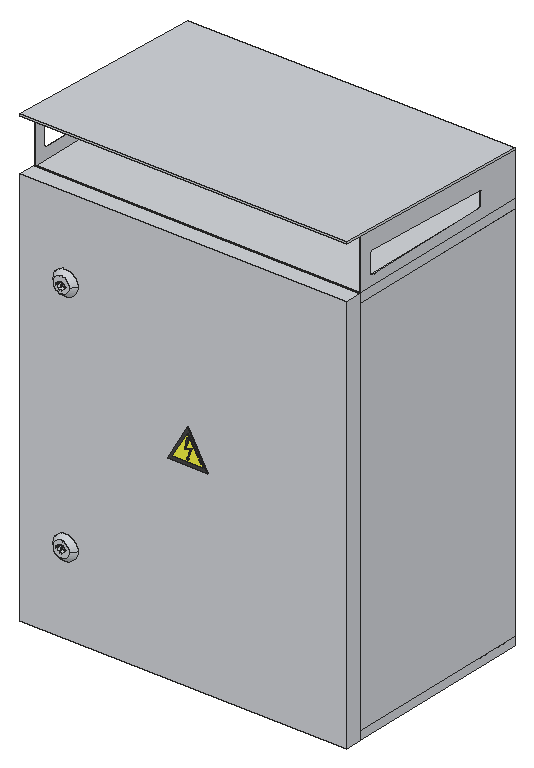
Revit family "STS-504К_RV17_LOD400 (5.11.23)", category Электрооборудование, Revit 2017
Family settings
  Конфигурация панели = Два столбца, слева направо
  Размер круглого соединителя = Использовать диаметр
  Тип детали = Щит
  На основе рабочей плоскости = Нет
  Всегда вертикально = Да
  При загрузке вырезать с полостями = Нет
  Общий = Нет
  Точка расчета площади = Нет
Parameters (values of type "STS-504К")
  Степень защиты = "IP54"
  Смещение_УГО_Y [instance] = 0 mm
  Смещение_УГО_X [instance] = 0 mm
  Раздел проекта [instance] = ""
  Раздел Спецификации [instance] = ""
  Поддержание внутренней регулируемой температуры, С = "от 0 до +50"
  Номинальный ток автоматического выключателя напряжения питания, А = 25 A
  Напряжение электропитания постоянного тока вентилятора, В = 12
  Напряжение электропитания переменного тока, В/Гц = "220/50"
  Напряжение = "220"
  Мощность обогрева, Вт = 55
  Мощность = "60"
  Конфигуратор контроллера STS-504 = "https://stilsoft.ru/calc504"
  Диапазон рабочих температур, °С = "от –40 до +50"
  Включение вентиляции при температуре, от, °С = 35
  Видимость_дверь [instance] = yes
  Видимость УГО [instance] = yes
  Вариант исполнения = "уличный"
  В_Смещение_УГО_Y [instance] = Смещение_УГО_Y + 2000 mm  # 2000 mm
  В_Смещение_УГО_X [instance] = Смещение_УГО_X + 2000 mm  # 2000 mm
  d_короба = 0 mm
  ADSK_Размер_Ширина = 400 mm
  ADSK_Размер_Глубина = 257 mm
  ADSK_Размер_Высота = 560 mm
  ADSK_Примечание = ""
  ADSK_Наименование = "Контроллер STS-504К"
  ADSK_Масса = 14
  ADSK_Марка = "СТВФ.426471.549"
  ADSK_Количество = 1
  ADSK_Завод-изготовитель = "ООО «Основа Безопасности»"  # constant formula
  ADSK_Единица измерения = "шт."  # constant formula
  ADSK_URL страницы изделия = "https://stilsoft.ru/products/sts-504k"
  ADSK_URL документации изделия = ""
Reference planes
  plane 1 "По центру (Вперед/Назад)": y = 0
  plane 2: z = 0
  plane 3 "По центру (Влево/Вправо)": x = 0
  plane 4: y = 2000
  plane 5: x = -2000
  plane 6: x = 0
  plane 7: y = 0
  plane 8 "4": x = 200
  plane 9 "3": x = -200
  plane 10 "дверь": y = -257
  plane 11 "1": z = 6
  plane 12 "крыша": through (0, -257, 560) normal (0, -0.0389, -0.9992)
  plane 13: z = 560
Forms (mm)
  Extrusion 1, solid, detail levels medium+fine
    sketch origin (0, 0, 0) x (1, 0, 0) y (0, 1, 0)
      loop
        line (-200, 0) -> (-200, -235) -> (-190, -235) -> (-190, -10) -> (190, -10) -> (190, -235) -> (200, -235) -> (200, 0) -> (-200, 0)
    from 16 to 486
  Extrusion 2, solid, detail levels medium+fine
    sketch origin (0, 0, 0) x (1, 0, 0) y (0, 0, 1)
      loop
        line (-200, 16) -> (-200, 6) -> (200, 6) -> (200, 16) -> (-200, 16)
      loop
        line (-200, 496) -> (-200, 486) -> (200, 486) -> (200, 496) -> (-200, 496)
    from 0 to 235
  Revolve 3, solid, detail levels medium+fine
    sketch origin (-125, -42.49, 0) x (0, -1, 0) y (0, 0, 1)
      loop
        line (0, 0) -> (12, 0) -> (12, 2) -> (14.5, 2) -> (14.5, 4) -> (17, 4) -> (17, 4.951) -> (20.994, 4.951) -> (20.994, 6) -> (0, 6) -> (0, 0)
      axis (0, 6) -> (0, 0)
    angle from 0 to 360
  Revolve 4, solid, detail levels medium+fine
    sketch origin (-75, -55.774, 1200) x (0, -1, 0) y (0, 0, 1)
      loop
        line (-13.284, -1200) -> (-1.284, -1200) -> (-1.284, -1198) -> (1.216, -1198) -> (1.216, -1196) -> (3.716, -1196) -> (3.716, -1195.049) -> (7.71, -1195.049) -> (7.71, -1194) -> (-13.284, -1194) -> (-13.284, -1200)
      axis (-13.284, -1194) -> (-13.284, -1200)
    angle from 0 to 360
  Revolve 5, solid, detail levels medium+fine
    sketch origin (-25, -42.49, 0) x (0, -1, 0) y (0, 0, 1)
      loop
        line (0, 0) -> (12, 0) -> (12, 2) -> (14.5, 2) -> (14.5, 4) -> (17, 4) -> (17, 4.951) -> (20.994, 4.951) -> (20.994, 6) -> (0, 6) -> (0, 0)
      axis (0, 6) -> (0, 0)
    angle from 0 to 360
  Revolve 6, solid, detail levels medium+fine
    sketch origin (25, -55.774, 1200) x (0, -1, 0) y (0, 0, 1)
      loop
        line (-13.284, -1200) -> (-1.284, -1200) -> (-1.284, -1198) -> (1.216, -1198) -> (1.216, -1196) -> (3.716, -1196) -> (3.716, -1195.049) -> (7.71, -1195.049) -> (7.71, -1194) -> (-13.284, -1194) -> (-13.284, -1200)
      axis (-13.284, -1194) -> (-13.284, -1200)
    angle from 0 to 360
  Revolve 7, solid, detail levels medium+fine
    sketch origin (75, -42.49, 0) x (0, -1, 0) y (0, 0, 1)
      loop
        line (0, 0) -> (12, 0) -> (12, 2) -> (14.5, 2) -> (14.5, 4) -> (17, 4) -> (17, 4.951) -> (20.994, 4.951) -> (20.994, 6) -> (0, 6) -> (0, 0)
      axis (0, 6) -> (0, 0)
    angle from 0 to 360
  Revolve 8, solid, detail levels medium+fine
    sketch origin (125, -55.774, 1200) x (0, -1, 0) y (0, 0, 1)
      loop
        line (-13.284, -1200) -> (-1.284, -1200) -> (-1.284, -1198) -> (1.216, -1198) -> (1.216, -1196) -> (3.716, -1196) -> (3.716, -1195.049) -> (7.71, -1195.049) -> (7.71, -1194) -> (-13.284, -1194) -> (-13.284, -1200)
      axis (-13.284, -1194) -> (-13.284, -1200)
    angle from 0 to 360
  Revolve 9, solid, detail levels medium+fine
    sketch origin (-100, -97, 0) x (0, -1, 0) y (0, 0, 1)
      loop
        line (0, 0) -> (12, 0) -> (12, 2) -> (14.5, 2) -> (14.5, 4) -> (17, 4) -> (17, 4.951) -> (20.994, 4.951) -> (20.994, 6) -> (0, 6) -> (0, 0)
      axis (0, 6) -> (0, 0)
    angle from 0 to 360
  Revolve 10, solid, detail levels medium+fine
    sketch origin (-50, -110.284, 1200) x (0, -1, 0) y (0, 0, 1)
      loop
        line (-13.284, -1200) -> (-1.284, -1200) -> (-1.284, -1198) -> (1.216, -1198) -> (1.216, -1196) -> (3.716, -1196) -> (3.716, -1195.049) -> (7.71, -1195.049) -> (7.71, -1194) -> (-13.284, -1194) -> (-13.284, -1200)
      axis (-13.284, -1194) -> (-13.284, -1200)
    angle from 0 to 360
  Revolve 11, solid, detail levels medium+fine
    sketch origin (0, -97, 0) x (0, -1, 0) y (0, 0, 1)
      loop
        line (0, 0) -> (12, 0) -> (12, 2) -> (14.5, 2) -> (14.5, 4) -> (17, 4) -> (17, 4.951) -> (20.994, 4.951) -> (20.994, 6) -> (0, 6) -> (0, 0)
      axis (0, 6) -> (0, 0)
    angle from 0 to 360
  Revolve 12, solid, detail levels medium+fine
    sketch origin (50, -110.284, 1200) x (0, -1, 0) y (0, 0, 1)
      loop
        line (-13.284, -1200) -> (-1.284, -1200) -> (-1.284, -1198) -> (1.216, -1198) -> (1.216, -1196) -> (3.716, -1196) -> (3.716, -1195.049) -> (7.71, -1195.049) -> (7.71, -1194) -> (-13.284, -1194) -> (-13.284, -1200)
      axis (-13.284, -1194) -> (-13.284, -1200)
    angle from 0 to 360
  Revolve 13, solid, detail levels medium+fine
    sketch origin (100, -97, 0) x (0, -1, 0) y (0, 0, 1)
      loop
        line (0, 0) -> (12, 0) -> (12, 2) -> (14.5, 2) -> (14.5, 4) -> (17, 4) -> (17, 4.951) -> (20.994, 4.951) -> (20.994, 6) -> (0, 6) -> (0, 0)
      axis (0, 6) -> (0, 0)
    angle from 0 to 360
  Extrusion 14, void
    sketch origin (0, 0, 0) x (1, 0, 0) y (0, 1, 0)
      loop
        circle (-125, -42.655) r 21.159
      loop
        circle (-75, -42.655) r 21.159
      loop
        circle (-25, -42.655) r 21.159
      loop
        circle (25, -42.655) r 21.159
      loop
        circle (75, -42.655) r 21.159
      loop
        circle (125, -42.655) r 21.159
      loop
        circle (-100, -97.165) r 21.159
      loop
        circle (-50, -97.165) r 21.159
      loop
        circle (0, -97.165) r 21.159
      loop
        circle (50, -97.165) r 21.159
      loop
        circle (100, -97.165) r 21.159
    from 6 to 16
  Extrusion 15, solid, visible <- "Видимость_дверь", detail levels medium+fine
    sketch origin (0, -257, -6.264) x (1, 0, 0) y (0, 0, 1)
      loop
        line (-200, 502.264) -> (-200, 12.264) -> (200, 12.264) -> (200, 502.264) -> (-200, 502.264)
    from 0 to -20
  Extrusion 16, solid, detail levels medium+fine
    sketch origin (-200, 0, 0) x (0, -1, 0) y (0, 0, 1)
      loop
        line (0, 550) -> (257, 560) -> (257, 562) -> (0, 552) -> (0, 550)
    from 0 to -400
  Extrusion 17, solid, detail levels medium+fine
    sketch origin (-200, 0, 0) x (0, -1, 0) y (0, 0, 1)
      loop
        line (0, 550) -> (0, 496) -> (235, 496) -> (235, 559.144) -> (0, 550)
      loop
        line (53.915, 508.913) -> (217.367, 508.913)
        arc (217.367, 508.913) -> (220.373, 510.158) -> (221.619, 513.165) r 4.252
        line (221.619, 513.165) -> (221.619, 532.005)
        arc (221.619, 532.005) -> (220.46, 534.802) -> (217.664, 535.96) r 3.955
        line (217.664, 535.96) -> (54.15, 529.597)
        arc (54.15, 529.597) -> (52.36, 528.855) -> (51.618, 527.064) r 2.532
        line (51.618, 527.064) -> (51.618, 511.21)
        arc (51.618, 511.21) -> (52.291, 509.585) -> (53.915, 508.913) r 2.297
    from 0 to -1
  Extrusion 18, solid, detail levels medium+fine
    sketch origin (-200, 0, -60) x (0, -1, 0) y (0, 0, 1)
      loop
        line (0, 610) -> (0, 556) -> (235, 556) -> (235, 619.144) -> (0, 610)
      loop
        line (53.915, 568.913) -> (217.367, 568.913)
        arc (217.367, 568.913) -> (220.373, 570.158) -> (221.619, 573.165) r 4.252
        line (221.619, 573.165) -> (221.619, 592.005)
        arc (221.619, 592.005) -> (220.46, 594.802) -> (217.664, 595.96) r 3.955
        line (217.664, 595.96) -> (54.15, 589.597)
        arc (54.15, 589.597) -> (52.36, 588.855) -> (51.618, 587.064) r 2.532
        line (51.618, 587.064) -> (51.618, 571.21)
        arc (51.618, 571.21) -> (52.291, 569.585) -> (53.915, 568.913) r 2.297
    from 0 to -1
  Blend 19, solid, visible <- "Видимость_дверь", detail levels medium+fine
    base sketch origin (-257.145, -257, 209.136) x (1, 0, 0) y (0, 0, 1)
      loop
        circle (112.491, 187.124) r 15
    top sketch origin (-257.145, -257, 209.136) x (1, 0, 0) y (0, 0, 1)
      loop
        circle (112.491, 187.124) r 10
    from 0 to 6
  Extrusion 20, void, detail levels medium+fine
    sketch origin (-257.145, -257, 209.136) x (1, 0, 0) y (0, 0, 1)
      loop
        circle (112.263, 186.268) r 0.888
      loop
        line (105.364, 187.514) -> (105.364, 185.117) -> (107.397, 185.117)
        arc (107.397, 185.117) -> (112.263, 181.268) -> (117.128, 185.117) r 5
        line (117.128, 185.117) -> (119.161, 185.117) -> (119.161, 187.514) -> (117.105, 187.514)
        arc (117.105, 187.514) -> (112.263, 191.268) -> (107.42, 187.514) r 5
        line (107.42, 187.514) -> (105.364, 187.514)
    from 6 to 0.529
  Blend 21, solid, visible <- "Видимость_дверь", detail levels medium+fine
    base sketch origin (-257.145, -257, 296.864) x (1, 0, 0) y (0, 0, 1)
      loop
        circle (112.491, -191.124) r 15
    top sketch origin (-257.145, -257, 296.864) x (1, 0, 0) y (0, 0, 1)
      loop
        circle (112.491, -191.124) r 10
    from 0 to 6
  Extrusion 22, void, detail levels medium+fine
    sketch origin (-257.145, -257, 296.864) x (1, 0, 0) y (0, 0, 1)
      loop
        circle (112.263, -190.268) r 0.888
      loop
        line (105.364, -191.514) -> (107.42, -191.514)
        arc (107.42, -191.514) -> (112.263, -195.268) -> (117.105, -191.514) r 5
        line (117.105, -191.514) -> (119.161, -191.514) -> (119.161, -189.117) -> (117.128, -189.117)
        arc (117.128, -189.117) -> (112.263, -185.268) -> (107.397, -189.117) r 5
        line (107.397, -189.117) -> (105.364, -189.117) -> (105.364, -191.514)
    from 6 to 0.529
  Extrusion 23, solid, material "ЗНАЧЕК (1)", visible <- "Видимость_дверь", detail levels medium+fine
    sketch origin (5.416, -257, 118.169) x (1, 0, 0) y (0, 0, 1)
      loop
        line (25, 130) -> (0, 173) -> (-25, 130) -> (25, 130)
    from 0 to 0.2
  Extrusion 24, solid, material "ЗНАЧЕК (2)", visible <- "Видимость_дверь", detail levels medium+fine
    sketch origin (5.416, -257, 118.169) x (1, 0, 0) y (0, 0, 1)
      loop
        line (18, 134) -> (0, 165) -> (-18, 134) -> (18, 134)
    from 0 to 0.3
  Extrusion 25, solid, material "ЗНАЧЕК (1)", visible <- "Видимость_дверь", detail levels medium+fine
    sketch origin (5.416, -257, 118.169) x (1, 0, 0) y (0, 0, 1)
      loop
        line (0, 159.8) -> (-1.4, 159.8) -> (-4.015, 147.497) -> (2.6, 148.075) -> (-0.309, 137.932) -> (-1.555, 137.932) -> (0, 135.238) -> (1.886, 137.932) -> (0.321, 137.932) -> (4.567, 149.598) -> (-2.041, 149.251) -> (1.799, 159.8) -> (0, 159.8)
    from 0 to 0.4
  Extrusion 26, solid, detail levels medium+fine
    sketch origin (200, 0, -60) x (0, -1, 0) y (0, 0, -1)
      loop
        line (0, -610) -> (235, -619.144) -> (235, -556) -> (0, -556) -> (0, -610)
      loop
        arc (53.915, -568.913) -> (52.291, -569.585) -> (51.618, -571.21) r 2.297
        line (51.618, -571.21) -> (51.618, -587.064)
        arc (51.618, -587.064) -> (52.36, -588.855) -> (54.15, -589.597) r 2.532
        line (54.15, -589.597) -> (217.664, -595.96)
        arc (217.664, -595.96) -> (220.46, -594.802) -> (221.619, -592.005) r 3.955
        line (221.619, -592.005) -> (221.619, -573.165)
        arc (221.619, -573.165) -> (220.373, -570.158) -> (217.367, -568.913) r 4.252
        line (217.367, -568.913) -> (53.915, -568.913)
    from 0 to -1
Cuts and joins
  Extrusion 14 cuts Extrusion 2
  Extrusion 20, Extrusion 22 cuts Blend 19
  Extrusion 22 cuts Blend 21
Dimensions and locks
  locked: plane 4 to plane 1 "По центру (Вперед/Назад)" at 2000
  locked: plane 5 to plane 3 "По центру (Влево/Вправо)" at 2000
  "В_Смещение_УГО_X": plane 5 to plane 6
  "В_Смещение_УГО_Y": plane 4 to plane 7
  "ADSK_Размер_Ширина": plane 9 "3" to plane 8 "4"
  "ADSK_Размер_Глубина": plane 10 "дверь" to plane 1 "По центру (Вперед/Назад)"
  "ADSK_Размер_Высота": plane 13 to level
  aligned and locked: level to plane 2
  aligned and locked: nested 1 to plane 7
  aligned and locked: plane 6 to nested 1
Automatic sketch dimensions
  plane 1 "По центру (Вперед/Назад)" to Extrusion 1 sketch curve = 0 mm
  Extrusion 1 sketch curve to plane 9 "3" = 0 mm
  Extrusion 1 sketch curve to plane 8 "4" = 0 mm
  Extrusion 1 sketch curve to plane 9 "3" = 10 mm
  Extrusion 1 sketch curve to plane 8 "4" = 10 mm
  plane 1 "По центру (Вперед/Назад)" to Extrusion 1 sketch curve = 10 mm
  Extrusion 1 sketch curve to plane 10 "дверь" = 22 mm  (x2)
  plane 9 "3" to Extrusion 2 sketch curve = 0 mm  (x2)
  Extrusion 2 sketch curve to plane 8 "4" = 0 mm  (x2)
  Extrusion 2 sketch curve to plane 11 "1" = 0 mm
  plane 11 "1" to Extrusion 2 sketch curve = 10 mm
  Revolve 3 sketch curve to plane 11 "1" = 0 mm  (x2)
  Revolve 3 sketch curve to level = 0 mm  (x2)
  plane 1 "По центру (Вперед/Назад)" to Revolve 3 sketch curve = 42.49 mm
  level to Revolve 3 sketch curve = 2 mm
  Revolve 3 sketch curve to Revolve 3 sketch curve = 12 mm
  Revolve 3 sketch curve to Revolve 3 sketch curve = 2.5 mm  (x2)
  Revolve 3 sketch curve to plane 11 "1" = 1.049 mm
  Revolve 3 sketch curve to Revolve 3 sketch curve = 3.994 mm
  Revolve 3 sketch curve to plane 11 "1" = 2 mm
  Revolve 3 sketch curve to Revolve 3 sketch curve = 0 mm
  Revolve 4 sketch curve to plane 11 "1" = 0 mm  (x2)
  Revolve 4 sketch curve to level = 0 mm  (x2)
  plane 1 "По центру (Вперед/Назад)" to Revolve 4 sketch curve = 42.49 mm
  level to Revolve 4 sketch curve = 2 mm
  Revolve 4 sketch curve to Revolve 4 sketch curve = 12 mm
  Revolve 4 sketch curve to Revolve 4 sketch curve = 2.5 mm  (x2)
  Revolve 4 sketch curve to plane 11 "1" = 1.049 mm
  Revolve 4 sketch curve to Revolve 4 sketch curve = 3.994 mm
  Revolve 4 sketch curve to plane 11 "1" = 2 mm
  Revolve 4 sketch curve to Revolve 4 sketch curve = 0 mm
  Revolve 5 sketch curve to plane 11 "1" = 0 mm  (x2)
  Revolve 5 sketch curve to level = 0 mm  (x2)
  plane 1 "По центру (Вперед/Назад)" to Revolve 5 sketch curve = 42.49 mm
  level to Revolve 5 sketch curve = 2 mm
  Revolve 5 sketch curve to Revolve 5 sketch curve = 12 mm
  Revolve 5 sketch curve to Revolve 5 sketch curve = 2.5 mm  (x2)
  Revolve 5 sketch curve to plane 11 "1" = 1.049 mm
  Revolve 5 sketch curve to Revolve 5 sketch curve = 3.994 mm
  Revolve 5 sketch curve to plane 11 "1" = 2 mm
  Revolve 5 sketch curve to Revolve 5 sketch curve = 0 mm
  Revolve 6 sketch curve to plane 11 "1" = 0 mm  (x2)
  Revolve 6 sketch curve to level = 0 mm  (x2)
  plane 1 "По центру (Вперед/Назад)" to Revolve 6 sketch curve = 42.49 mm
  level to Revolve 6 sketch curve = 2 mm
  Revolve 6 sketch curve to Revolve 6 sketch curve = 12 mm
  Revolve 6 sketch curve to Revolve 6 sketch curve = 2.5 mm  (x2)
  Revolve 6 sketch curve to plane 11 "1" = 1.049 mm
  Revolve 6 sketch curve to Revolve 6 sketch curve = 3.994 mm
  Revolve 6 sketch curve to plane 11 "1" = 2 mm
  Revolve 6 sketch curve to Revolve 6 sketch curve = 0 mm
  Revolve 7 sketch curve to plane 11 "1" = 0 mm  (x2)
  Revolve 7 sketch curve to level = 0 mm  (x2)
  plane 1 "По центру (Вперед/Назад)" to Revolve 7 sketch curve = 42.49 mm
  level to Revolve 7 sketch curve = 2 mm
  Revolve 7 sketch curve to Revolve 7 sketch curve = 12 mm
  Revolve 7 sketch curve to Revolve 7 sketch curve = 2.5 mm  (x2)
  Revolve 7 sketch curve to plane 11 "1" = 1.049 mm
  Revolve 7 sketch curve to Revolve 7 sketch curve = 3.994 mm
  Revolve 7 sketch curve to plane 11 "1" = 2 mm
  Revolve 7 sketch curve to Revolve 7 sketch curve = 0 mm
  Revolve 8 sketch curve to plane 11 "1" = 0 mm  (x2)
  Revolve 8 sketch curve to level = 0 mm  (x2)
  plane 1 "По центру (Вперед/Назад)" to Revolve 8 sketch curve = 42.49 mm
  level to Revolve 8 sketch curve = 2 mm
  Revolve 8 sketch curve to Revolve 8 sketch curve = 12 mm
  Revolve 8 sketch curve to Revolve 8 sketch curve = 2.5 mm  (x2)
  Revolve 8 sketch curve to plane 11 "1" = 1.049 mm
  Revolve 8 sketch curve to Revolve 8 sketch curve = 3.994 mm
  Revolve 8 sketch curve to plane 11 "1" = 2 mm
  Revolve 8 sketch curve to Revolve 8 sketch curve = 0 mm
  Revolve 9 sketch curve to plane 11 "1" = 0 mm  (x2)
  Revolve 9 sketch curve to level = 0 mm  (x2)
  plane 1 "По центру (Вперед/Назад)" to Revolve 9 sketch curve = 97 mm
  level to Revolve 9 sketch curve = 2 mm
  Revolve 9 sketch curve to Revolve 9 sketch curve = 12 mm
  Revolve 9 sketch curve to Revolve 9 sketch curve = 2.5 mm  (x2)
  Revolve 9 sketch curve to plane 11 "1" = 1.049 mm
  Revolve 9 sketch curve to Revolve 9 sketch curve = 3.994 mm
  Revolve 9 sketch curve to plane 11 "1" = 2 mm
  Revolve 9 sketch curve to Revolve 9 sketch curve = 0 mm
  Revolve 10 sketch curve to plane 11 "1" = 0 mm  (x2)
  Revolve 10 sketch curve to level = 0 mm  (x2)
  plane 1 "По центру (Вперед/Назад)" to Revolve 10 sketch curve = 97 mm
  level to Revolve 10 sketch curve = 2 mm
  Revolve 10 sketch curve to Revolve 10 sketch curve = 12 mm
  Revolve 10 sketch curve to Revolve 10 sketch curve = 2.5 mm  (x2)
  Revolve 10 sketch curve to plane 11 "1" = 1.049 mm
  Revolve 10 sketch curve to Revolve 10 sketch curve = 3.994 mm
  Revolve 10 sketch curve to plane 11 "1" = 2 mm
  Revolve 10 sketch curve to Revolve 10 sketch curve = 0 mm
  Revolve 11 sketch curve to plane 11 "1" = 0 mm  (x2)
  Revolve 11 sketch curve to level = 0 mm  (x2)
  plane 1 "По центру (Вперед/Назад)" to Revolve 11 sketch curve = 97 mm
  level to Revolve 11 sketch curve = 2 mm
  Revolve 11 sketch curve to Revolve 11 sketch curve = 12 mm
  Revolve 11 sketch curve to Revolve 11 sketch curve = 2.5 mm  (x2)
  Revolve 11 sketch curve to plane 11 "1" = 1.049 mm
  Revolve 11 sketch curve to Revolve 11 sketch curve = 3.994 mm
  Revolve 11 sketch curve to plane 11 "1" = 2 mm
  Revolve 11 sketch curve to Revolve 11 sketch curve = 0 mm
  Revolve 12 sketch curve to plane 11 "1" = 0 mm  (x2)
  Revolve 12 sketch curve to level = 0 mm  (x2)
  plane 1 "По центру (Вперед/Назад)" to Revolve 12 sketch curve = 97 mm
  level to Revolve 12 sketch curve = 2 mm
  Revolve 12 sketch curve to Revolve 12 sketch curve = 12 mm
  Revolve 12 sketch curve to Revolve 12 sketch curve = 2.5 mm  (x2)
  Revolve 12 sketch curve to plane 11 "1" = 1.049 mm
  Revolve 12 sketch curve to Revolve 12 sketch curve = 3.994 mm
  Revolve 12 sketch curve to plane 11 "1" = 2 mm
  Revolve 12 sketch curve to Revolve 12 sketch curve = 0 mm
  Revolve 13 sketch curve to plane 11 "1" = 0 mm  (x2)
  Revolve 13 sketch curve to level = 0 mm  (x2)
  plane 1 "По центру (Вперед/Назад)" to Revolve 13 sketch curve = 97 mm
  level to Revolve 13 sketch curve = 2 mm
  Revolve 13 sketch curve to Revolve 13 sketch curve = 12 mm
  Revolve 13 sketch curve to Revolve 13 sketch curve = 2.5 mm  (x2)
  Revolve 13 sketch curve to plane 11 "1" = 1.049 mm
  Revolve 13 sketch curve to Revolve 13 sketch curve = 3.994 mm
  Revolve 13 sketch curve to plane 11 "1" = 2 mm
  Revolve 13 sketch curve to Revolve 13 sketch curve = 0 mm
  Extrusion 14 sketch curve to plane 3 "По центру (Влево/Вправо)" = 0 mm
  Extrusion 14 sketch curve to plane 3 "По центру (Влево/Вправо)" = 25 mm
  Extrusion 14 sketch curve to plane 3 "По центру (Влево/Вправо)" = 50 mm
  Extrusion 14 sketch curve to Extrusion 14 sketch curve = 50 mm  (x7)
  plane 3 "По центру (Влево/Вправо)" to Extrusion 14 sketch curve = 25 mm
  plane 1 "По центру (Вперед/Назад)" to Extrusion 14 sketch curve = 97.165 mm  (x2)
  Extrusion 14 sketch curve to Extrusion 14 sketch curve = 0 mm  (x3)
  plane 1 "По центру (Вперед/Назад)" to Extrusion 14 sketch curve = 42.655 mm  (x6)
  plane 9 "3" to Extrusion 15 sketch curve = 0 mm
  Extrusion 15 sketch curve to plane 8 "4" = 0 mm
  Extrusion 15 sketch curve to plane 11 "1" = 0 mm
  Extrusion 16 sketch curve to plane 1 "По центру (Вперед/Назад)" = 0 mm
  Extrusion 16 sketch curve to plane 10 "дверь" = 0 mm
  plane 12 "крыша" to Extrusion 16 sketch curve = 0 mm  (x2)
  Extrusion 16 sketch curve to Extrusion 16 sketch curve = 2 mm  (x2)
  Extrusion 17 sketch curve to plane 1 "По центру (Вперед/Назад)" = 0 mm
  Extrusion 17 sketch curve to plane 10 "дверь" = 22 mm
  plane 12 "крыша" to Extrusion 17 sketch curve = 0 mm  (x2)
  plane 1 "По центру (Вперед/Назад)" to Extrusion 17 sketch curve = 51.618 mm
  Extrusion 17 sketch curve to Extrusion 17 sketch curve = 2.297 mm
  Extrusion 17 sketch curve to Extrusion 17 sketch curve = 2.532 mm
  Extrusion 17 sketch curve to plane 10 "дверь" = 39.633 mm
  Extrusion 17 sketch curve to Extrusion 17 sketch curve = 0.297 mm
  Extrusion 17 sketch curve to Extrusion 17 sketch curve = 3.955 mm
  Extrusion 17 sketch curve to Extrusion 17 sketch curve = 15.855 mm
  Extrusion 17 sketch curve to Extrusion 17 sketch curve = 18.841 mm
  Extrusion 18 sketch curve to plane 1 "По центру (Вперед/Назад)" = 0 mm
  Extrusion 18 sketch curve to plane 10 "дверь" = 22 mm
  plane 12 "крыша" to Extrusion 18 sketch curve = 0 mm  (x2)
  plane 1 "По центру (Вперед/Назад)" to Extrusion 18 sketch curve = 51.618 mm
  Extrusion 18 sketch curve to Extrusion 18 sketch curve = 2.297 mm
  Extrusion 18 sketch curve to Extrusion 18 sketch curve = 2.532 mm
  Extrusion 18 sketch curve to plane 10 "дверь" = 39.633 mm
  Extrusion 18 sketch curve to Extrusion 18 sketch curve = 0.297 mm
  Extrusion 18 sketch curve to Extrusion 18 sketch curve = 3.955 mm
  Extrusion 18 sketch curve to Extrusion 18 sketch curve = 15.855 mm
  Extrusion 18 sketch curve to Extrusion 18 sketch curve = 18.841 mm
  Blend 19 sketch curve to plane 9 "3" = 55.347 mm  (x2)
  Extrusion 20 sketch curve to Extrusion 20 sketch curve = 0 mm  (x7)
  Extrusion 20 sketch curve to plane 9 "3" = 48.219 mm
  Extrusion 20 sketch curve to Extrusion 20 sketch curve = 2.033 mm
  Extrusion 20 sketch curve to Extrusion 20 sketch curve = 2.057 mm  (x2)
  Extrusion 20 sketch curve to Extrusion 20 sketch curve = 4.866 mm
  Extrusion 20 sketch curve to Extrusion 20 sketch curve = 4.842 mm
  Extrusion 20 sketch curve to Extrusion 20 sketch curve = 0.023 mm
  Extrusion 20 sketch curve to Extrusion 20 sketch curve = 1.151 mm
  Extrusion 20 sketch curve to Extrusion 20 sketch curve = 2.396 mm
  Blend 21 sketch curve to plane 9 "3" = 55.347 mm  (x2)
  plane 11 "1" to Blend 21 sketch curve = 99.74 mm  (x2)
  Extrusion 22 sketch curve to Extrusion 22 sketch curve = 0 mm  (x6)
  Extrusion 22 sketch curve to plane 9 "3" = 48.219 mm
  Extrusion 22 sketch curve to Extrusion 22 sketch curve = 2.033 mm
  Extrusion 22 sketch curve to Extrusion 22 sketch curve = 2.057 mm  (x2)
  Extrusion 22 sketch curve to Extrusion 22 sketch curve = 4.866 mm
  Extrusion 22 sketch curve to Extrusion 22 sketch curve = 4.842 mm
  Extrusion 22 sketch curve to Extrusion 22 sketch curve = 0.023 mm
  plane 11 "1" to Extrusion 22 sketch curve = 99.351 mm
  Extrusion 22 sketch curve to Extrusion 22 sketch curve = 1.246 mm
  Extrusion 22 sketch curve to Extrusion 22 sketch curve = 2.396 mm
  Extrusion 23 sketch curve to plane 3 "По центру (Влево/Вправо)" = 19.584 mm
  plane 3 "По центру (Влево/Вправо)" to Extrusion 23 sketch curve = 5.416 mm
  plane 3 "По центру (Влево/Вправо)" to Extrusion 23 sketch curve = 30.416 mm
  plane 11 "1" to Extrusion 23 sketch curve = 242.169 mm
  Extrusion 23 sketch curve to Extrusion 23 sketch curve = 43 mm
  Extrusion 24 sketch curve to plane 3 "По центру (Влево/Вправо)" = 12.584 mm
  plane 3 "По центру (Влево/Вправо)" to Extrusion 24 sketch curve = 5.416 mm
  plane 3 "По центру (Влево/Вправо)" to Extrusion 24 sketch curve = 23.416 mm
  plane 11 "1" to Extrusion 24 sketch curve = 246.169 mm
  Extrusion 24 sketch curve to Extrusion 24 sketch curve = 31 mm
  plane 3 "По центру (Влево/Вправо)" to Extrusion 25 sketch curve = 1.401 mm
  Extrusion 25 sketch curve to Extrusion 25 sketch curve = 1.975 mm
  plane 3 "По центру (Влево/Вправо)" to Extrusion 25 sketch curve = 3.861 mm
  plane 3 "По центру (Влево/Вправо)" to Extrusion 25 sketch curve = 4.016 mm
  Extrusion 25 sketch curve to Extrusion 25 sketch curve = 1.246 mm
  Extrusion 25 sketch curve to Extrusion 25 sketch curve = 1.4 mm
  Extrusion 25 sketch curve to Extrusion 25 sketch curve = 0.309 mm
  Extrusion 25 sketch curve to Extrusion 25 sketch curve = 0.63 mm
  Extrusion 25 sketch curve to Extrusion 25 sketch curve = 1.799 mm
  Extrusion 25 sketch curve to Extrusion 25 sketch curve = 1.565 mm
  Extrusion 25 sketch curve to Extrusion 25 sketch curve = 4.64 mm
  Extrusion 25 sketch curve to Extrusion 25 sketch curve = 1.968 mm
  plane 11 "1" to Extrusion 25 sketch curve = 247.407 mm
  Extrusion 25 sketch curve to Extrusion 25 sketch curve = 2.694 mm
  Extrusion 25 sketch curve to Extrusion 25 sketch curve = 0 mm
  Extrusion 25 sketch curve to Extrusion 25 sketch curve = 9.564 mm
  Extrusion 25 sketch curve to Extrusion 25 sketch curve = 0.579 mm
  Extrusion 25 sketch curve to Extrusion 25 sketch curve = 1.755 mm
  Extrusion 25 sketch curve to Extrusion 25 sketch curve = 1.522 mm
  Extrusion 25 sketch curve to Extrusion 25 sketch curve = 10.549 mm
  Extrusion 26 sketch curve to plane 1 "По центру (Вперед/Назад)" = 0 mm
  Extrusion 26 sketch curve to plane 10 "дверь" = 22 mm
  plane 12 "крыша" to Extrusion 26 sketch curve = 0 mm  (x2)
  plane 1 "По центру (Вперед/Назад)" to Extrusion 26 sketch curve = 51.618 mm
  Extrusion 26 sketch curve to Extrusion 26 sketch curve = 2.297 mm
  Extrusion 26 sketch curve to Extrusion 26 sketch curve = 2.532 mm
  Extrusion 26 sketch curve to plane 10 "дверь" = 39.633 mm
  Extrusion 26 sketch curve to Extrusion 26 sketch curve = 0.297 mm
  Extrusion 26 sketch curve to Extrusion 26 sketch curve = 3.955 mm
  Extrusion 26 sketch curve to Extrusion 26 sketch curve = 22.796 mm
  Extrusion 26 sketch curve to Extrusion 26 sketch curve = 18.387 mm
  Extrusion 2 sketch curve to plane 13 = 74 mm
  Extrusion 2 sketch curve to Extrusion 2 sketch curve = 10 mm
  Extrusion 15 sketch curve to plane 13 = 64 mm
  Extrusion 17 sketch curve to plane 13 = 24.04 mm
  Extrusion 17 sketch curve to Extrusion 17 sketch curve = 17.165 mm
  Extrusion 18 sketch curve to plane 13 = 24.04 mm
  Extrusion 18 sketch curve to Extrusion 18 sketch curve = 17.165 mm
  Blend 19 sketch curve to plane 13 = 163.74 mm  (x2)
  Extrusion 20 sketch curve to plane 13 = 165.747 mm
  Extrusion 26 sketch curve to plane 13 = 24.04 mm
  Extrusion 26 sketch curve to Extrusion 26 sketch curve = 17.165 mm
  radius of Extrusion 14 sketch curve = 21.159 mm  (x11)
  radius of Blend 19 sketch curve = 15 mm
  radius of Blend 19 sketch curve = 10 mm
  radius of Extrusion 20 sketch curve = 0.888 mm
  radius of Blend 21 sketch curve = 15 mm
  radius of Blend 21 sketch curve = 10 mm
  radius of Extrusion 22 sketch curve = 0.888 mm
Nested families
  nested 1: "УГО_Контроллер" at (0, 0, 0), visible <- "Видимость УГО", type "УГО_Контроллер", detail levels coarse
Definition of nested family "УГО_Контроллер"
  Reference planes
    plane 1: y = 0
    plane 2: x = 0
  Lines and regions (mm)
    Filled region 1, type "Цветовая область 1"
      outline origin (0, 0, 0) x (1, 0, 0) y (0, 1, 0)
        loop
          line (0, -2.5) -> (0, -5) -> (5, -5) -> (5, -2.5) -> (0, -2.5)
    detail lines
      curve 1: line (5, 0, 0) -> (5, -5, 0)
      curve 2: line (5, -5, 0) -> (-5, -5, 0)
      curve 3: line (-5, -5, 0) -> (-5, 0, 0)
      curve 4: line (-5, 0, 0) -> (5, 0, 0)
      curve 5: line (5, -2.5, 0) -> (0, -2.5, 0)
      curve 6: line (0, -2.5, 0) -> (0, -5, 0)
